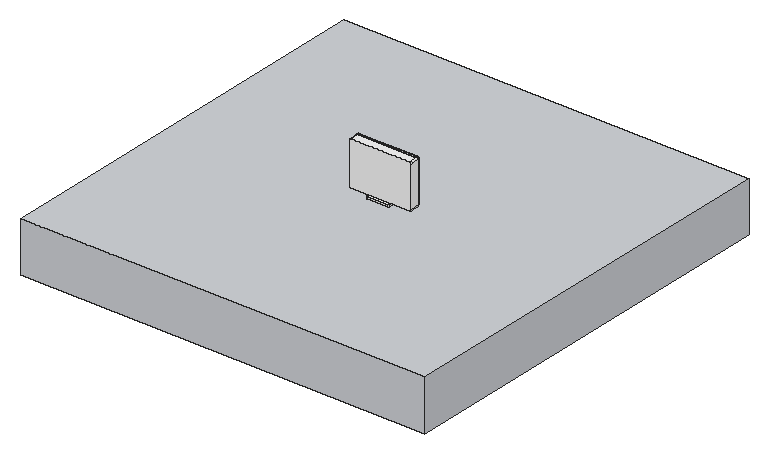
Revit family "SEWL-C", category Lighting Fixtures, host Face, Revit 2021
Family settings
  Host = Face
  Round Connector Dimension = Use Diameter
  Part Type = Normal
  OmniClass Number = 23.80.70.11.21
  OmniClass Title = Emergency Lighting
  Cut with Voids When Loaded = No
  Light Source = Yes
  Shared = No
  Room Calculation Point = No
Parameters (values of type "SEWL")
  Wattage Comments = "2.64-3.50W"
  Wattage = 9.2903 W
  built-in parameter 1150110 = 1 (stored number, unit not read)
  URL = "https://www.currentlighting.com/dual-lite"
  built-in parameter 1114217 = 1 (stored number, unit not read)
  built-in parameter 1150109 = 1 (stored number, unit not read)
  built-in parameter 1150134 = 3
  built-in parameter 1150113 = 1 (stored number, unit not read)
  Product Page URL = ""
  Product Documentation Link = ""
  Mounting = "Wall Mount"  # constant formula
  Model = "SEWL"  # constant formula
  Manufacturer = "Dual-Lite"  # constant formula
  built-in parameter 1150105 = 109.82 (stored number, unit not read)
  Lumens = 1380 lm
  built-in parameter 1150115 = 1 (stored number, unit not read)
  Light Source Symbol Size = 0.200"
  built-in parameter 1150137 = (empty or 0)
  built-in parameter 1150139 = (empty or 0)
  Lettering = Red
  built-in parameter 1150112 = 1 (stored number, unit not read)
  built-in parameter 1150114 = 1 (stored number, unit not read)
  Lamp = "LED"  # constant formula
  built-in parameter 1150132 = (empty or 0)
  built-in parameter 1150102 = (empty or 0)
  built-in parameter 1150107 = 3200 (stored number, unit not read)
  built-in parameter 1150138 = (empty or 0)
  built-in parameter 1150106 = 1.0982 (stored number, unit not read)
  Glass = Glass
  Family = "Outdoor Emergency Lighting"  # constant formula
  Emit from Line Length = 14.000"
  built-in parameter 1150104 = 13.8 (stored number, unit not read)
  Dimming Lamp Color Temperature Shift = <None>
  Description = "Exit Sign, Harsh Environment, Die-Cast Aluminum Housing"  # constant formula
  Default Elevation = 48.000"
  Color Filter = 16777215
  built-in parameter 1114218 = 1 (stored number, unit not read)
  Backbox = White
  built-in parameter 1150133 = 10 (stored number, unit not read)
Reference planes (in)
  plane 1 "Center (Front/Back)": y = 0.03999
  plane 2: z = 0.06357
  plane 3 "Center (Left/Right)": x = 0
  plane 4: x = -7.34375
  plane 5: y = 9.80179
  plane 6: z = 10.93507
  plane 7: x = 7.34375
  plane 8: z = 0.43426
  plane 9: y = -1.19361
  plane 10: y = 1.27359
  plane 11: y = -1.19361
  plane 12: y = -0.81857
  plane 13: z = 5.49907
  plane 14: y = 2.05222
  plane 15: y = -1.97223
  plane 16: z = 5.51289
  plane 17: z = 5.51289
  plane 18: y = 0.89855
Forms (in)
  Extrusion 1, solid
    sketch origin (0, 0, 0.06357) x (1, 0, 0) y (0, 1, 0)
      loop
        line (-48, 48) -> (-48, -48) -> (48, -48) -> (48, 48) -> (-48, 48)
    from 0 to -12
  Extrusion 2, solid, material "White" <- "Backbox"
    sketch origin (0, 0, 0.06357) x (1, 0, 0) y (0, 1, 0)
      loop
        line (-2.625, 1.85222) -> (-2.625, 0.03999) -> (-2.625, -1.77223)
        arc (-2.625, -1.77223) -> (-2.56642, -1.91365) -> (-2.425, -1.97223) r 0.2
        line (-2.425, -1.97223) -> (2.425, -1.97223)
        arc (2.425, -1.97223) -> (2.56642, -1.91365) -> (2.625, -1.77223) r 0.2
        line (2.625, -1.77223) -> (2.625, 0.03999) -> (2.625, 1.85222)
        arc (2.625, 1.85222) -> (2.56642, 1.99364) -> (2.425, 2.05222) r 0.2
        line (2.425, 2.05222) -> (-2.425, 2.05222)
        arc (-2.425, 2.05222) -> (-2.56642, 1.99364) -> (-2.625, 1.85222) r 0.2
    from 0 to 0.37069
  Extrusion 3, solid, material "White" <- "Backbox"
    sketch origin (0, 0.03999, 0) x (1, 0, 0) y (0, 0, 1)
      loop
        arc (-6.94375, 10.93507) -> (-7.22659, 10.81791) -> (-7.34375, 10.53507) r 0.4
        line (-7.34375, 10.53507) -> (-7.34375, 0.83426)
        arc (-7.34375, 0.83426) -> (-7.22659, 0.55141) -> (-6.94375, 0.43426) r 0.4
        line (-6.94375, 0.43426) -> (6.94375, 0.43426)
        arc (6.94375, 0.43426) -> (7.22659, 0.55141) -> (7.34375, 0.83426) r 0.4
        line (7.34375, 0.83426) -> (7.34375, 10.53507)
        arc (7.34375, 10.53507) -> (7.22659, 10.81791) -> (6.94375, 10.93507) r 0.4
        line (6.94375, 10.93507) -> (-6.94375, 10.93507)
    from -0.71562 to 1.2336
  Extrusion 4, solid, material "Glass" <- "Glass"
    sketch origin (0, 0.03999, 0) x (1, 0, 0) y (0, 0, 1)
      loop
        line (-7.34375, 10.53507) -> (-7.34375, 0.83426)
        arc (-7.34375, 0.83426) -> (-7.22659, 0.55141) -> (-6.94375, 0.43426) r 0.4
        line (-6.94375, 0.43426) -> (6.94375, 0.43426)
        arc (6.94375, 0.43426) -> (7.22659, 0.55141) -> (7.34375, 0.83426) r 0.4
        line (7.34375, 0.83426) -> (7.34375, 10.53507)
        arc (7.34375, 10.53507) -> (7.22659, 10.81791) -> (6.94375, 10.93507) r 0.4
        line (6.94375, 10.93507) -> (-6.94375, 10.93507)
        arc (-6.94375, 10.93507) -> (-7.22659, 10.81791) -> (-7.34375, 10.53507) r 0.4
      loop
        line (-7.24375, 10.53507) -> (-7.24375, 0.83426)
        arc (-7.24375, 0.83426) -> (-7.15588, 0.62213) -> (-6.94375, 0.53426) r 0.3
        line (-6.94375, 0.53426) -> (6.94375, 0.53426)
        arc (6.94375, 0.53426) -> (7.15588, 0.62213) -> (7.24375, 0.83426) r 0.3
        line (7.24375, 0.83426) -> (7.24375, 10.53507)
        arc (7.24375, 10.53507) -> (7.15588, 10.7472) -> (6.94375, 10.83507) r 0.3
        line (6.94375, 10.83507) -> (-6.94375, 10.83507)
        arc (-6.94375, 10.83507) -> (-7.15588, 10.7472) -> (-7.24375, 10.53507) r 0.3
    from -1.2336 to -0.71562
  Extrusion 5, solid, material "White" <- "Backbox"
    sketch origin (0, 0.03999, 0) x (1, 0, 0) y (0, 0, -1)
      loop
        line (-6.14375, -9.73507) -> (6.14375, -9.73507) -> (6.14375, -1.26357) -> (-6.14375, -1.26357) -> (-6.14375, -9.73507)
    from 0.71562 to 0.85856
  Extrusion 6, solid, material "Glass" <- "Glass"
    sketch origin (0, 0.03999, 0) x (1, 0, 0) y (0, 0, 1)
      loop
        arc (-7.24375, 0.83426) -> (-7.15588, 0.62213) -> (-6.94375, 0.53426) r 0.3
        line (-6.94375, 0.53426) -> (6.94375, 0.53426)
        arc (6.94375, 0.53426) -> (7.15588, 0.62213) -> (7.24375, 0.83426) r 0.3
        line (7.24375, 0.83426) -> (7.24375, 10.53507)
        arc (7.24375, 10.53507) -> (7.15588, 10.7472) -> (6.94375, 10.83507) r 0.3
        line (6.94375, 10.83507) -> (-6.94375, 10.83507)
        arc (-6.94375, 10.83507) -> (-7.15588, 10.7472) -> (-7.24375, 10.53507) r 0.3
        line (-7.24375, 10.53507) -> (-7.24375, 0.83426)
    from -1.2336 to -1.1094
  Extrusion 7, solid, material "Red" <- "Lettering"
    sketch origin (1.01086, 0.07998, 10.39252) x (-1, 0, 0) y (0, 0, 1)
      loop
        line (4.26086, -7.32353) -> (3.07884, -7.32353) -> (3.07884, -7.82353) -> (4.76086, -7.82353) -> (4.76086, -4.92704) -> (4.76086, -2.03056) -> (3.07884, -2.03056) -> (3.07884, -2.53056) -> (4.26086, -2.53056) -> (4.26086, -4.61247) -> (3.07884, -4.61247) -> (3.07884, -4.92704) -> (3.07884, -5.24161) -> (4.26086, -5.24161) -> (4.26086, -7.32353)
      loop
        line (2.47814, -7.82243) -> (1.80969, -4.92704) -> (2.47814, -2.03165) -> (1.82285, -2.03165) -> (1.53481, -2.82304) -> (1.24677, -2.03165) -> (0.59148, -2.03165) -> (1.25993, -4.92704) -> (0.59148, -7.82243) -> (1.24677, -7.82243) -> (1.53481, -7.03104) -> (1.82285, -7.82243) -> (2.47814, -7.82243)
      loop
        line (-0.17116, -7.82353) -> (-0.17116, -2.03165) -> (-0.771, -2.03165) -> (-0.771, -7.82353) -> (-0.17116, -7.82353)
      loop
        line (-2.15022, -2.03165) -> (-2.75006, -2.03165) -> (-2.75006, -7.09997) -> (-3.61882, -7.09997) -> (-3.61882, -7.75526) -> (-1.36882, -7.75526) -> (-1.36882, -7.09997) -> (-2.15022, -7.09997) -> (-2.15022, -2.03165)
    from 0.81857 to 0.89925
  Extrusion 8, solid, material "Red"
    sketch origin (-0.2455, 0, 8.53659) x (1, 0, 0) y (0, 0, -1)
      loop
        line (-4.97072, 3.79907) -> (-5.7461, 3.02369) -> (-4.97072, 2.24831) -> (-4.58478, 2.24831) -> (-5.36016, 3.02369) -> (-4.58478, 3.79907) -> (-4.97072, 3.79907)
      loop
        line (5.42318, 3.79907) -> (5.03724, 3.79907) -> (5.81262, 3.02369) -> (5.03724, 2.24831) -> (5.42318, 2.24831) -> (6.19856, 3.02369) -> (5.42318, 3.79907)
    from 0.89855 to 0.97923
Dimensions and locks (in)
  locked: plane 4 to plane 3 "Center (Left/Right)" at 7.34375
  locked: plane 6 to plane 2 at 10.8715
  locked: plane 3 "Center (Left/Right)" to Extrusion 2 at 2.625
  locked: plane 7 to plane 3 "Center (Left/Right)" at 7.34375
  locked: Extrusion 5 sketch curve to Extrusion 5 sketch curve at 8.4715
  locked: Extrusion 5 sketch curve to Extrusion 5 sketch curve at 12.2875
  locked: plane 6 to Extrusion 8 at 6.19755
  locked: level to Extrusion 7 at 3.00543
  locked: Extrusion 7 to plane 3 "Center (Left/Right)" at 3.25
  locked: level to Extrusion 5 at 9.6715
  aligned and locked: plane 2 to Extrusion 1
  aligned and locked: Extrusion 3 sketch curve to plane 6
  aligned and locked: plane 7 to Extrusion 3 sketch curve
  aligned and locked: plane 4 to Extrusion 3 sketch curve
  aligned and locked: plane 8 to Extrusion 2
  aligned and locked: Extrusion 3 to plane 8  (x2)
  aligned and locked: plane 14 to Extrusion 2
  aligned and locked: Extrusion 2 to plane 15
  aligned and locked: Extrusion 3 to Extrusion 4
  aligned and locked: Extrusion 7 sketch curve to Extrusion 7 sketch curve
  aligned and locked: Extrusion 8 sketch curve to plane 16  (x4)
  aligned and locked: plane 17 to Extrusion 8 sketch curve  (x4)
  aligned and locked: Extrusion 3 to plane 9
  aligned and locked: Extrusion 4 to Extrusion 6
  aligned and locked: Extrusion 5 to plane 18
Connectors (in)
  electrical at (0, 0, 0.06357), driven by "Description"
    settings: index 1, voltage 0 V, apparent load 0 VA, apparent load phase1 0 VA, apparent load phase2 0 VA, apparent load phase3 0 VA, power factor 1, load classification "Other", number of poles 1, system type 30, power factor state 1, is connector primary yes, connector utility no, sub classification motor no, connector description "Exit Sign, Harsh Environment, Die-Cast Aluminum Housing"
